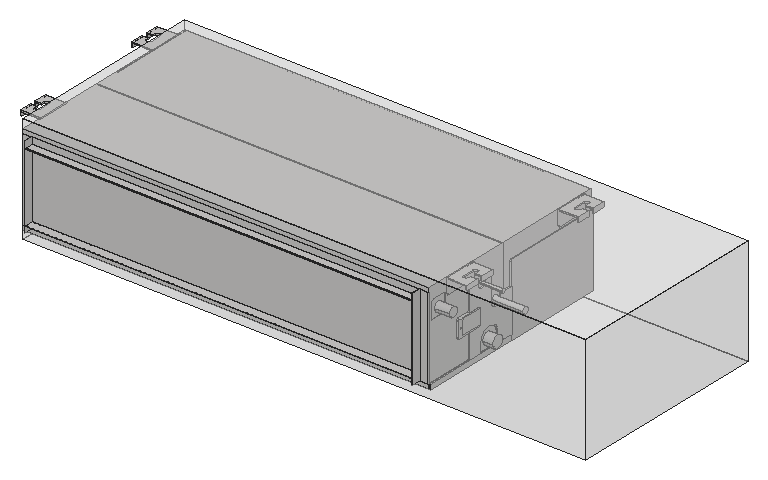
Revit family "outputfile", category 機械設備, Revit 2024
Family settings
  丸型コネクタ寸法 = 半径を使用
  パーツ タイプ = 標準
  OmniClass 番号 = 23.75.10.24.21.27.27
  OmniClass タイトル = Split System Air Conditioning Units
  作業面ベース = いいえ
  常に垂直 = はい
  ロード時にボイドで切り取り = いいえ
  注釈の向きを維持 = いいえ
  共有 = いいえ
  部屋計算ポイント = はい
Parameters (values of type "FXDQ50TV1CA")
  Description = ""
  製造元 = "Daikin"
  書き出し IFC クラス(タイプ) = "IfcUnitaryEquipmentType"
  定義済み IFC タイプ(タイプ) = "AIRCONDITIONINGUNIT"
  Cost = 0
  モデル = "FXDQ50TV1CA"
  Type Comments = ""
  Keynote = ""
  Type Image = (empty or 0)
  Assembly Code = ""
  r_Liquid Pipe Size = Liquid Pipe Size / 2  # 3.2 mm
  r_Gas Pipe Size = Gas Pipe Size / 2  # 6.35 mm
  r_Drain Pipe Size = Drain Pipe Size / 2  # 10.0 mm
  lw_powersuply = 65.0 mm  # constant formula
  lh_suctionflange [instance] = [h***] + 100.5 mm  # 100.5 mm
  lh_mounting = lh_mountinghole + [h***]  # 200.0 mm
  ld_suctionflange [instance] = if(and(Rear Connection_Return Air, Width = 700.0 mm), 94.5 mm, if(and(Rear Connection_Return Air, Width = 900.0 mm), 94.0 mm, if(and(Rear Connection_Return Air, Width = 1100.0 mm), 94.0 mm, 100.5 mm)))  # 94.0 mm
  ld_powersuply = 64.0 mm  # constant formula
  ld_mountinghole_Back = if(Width = 900.0 mm, 169.0 mm, 165.0 mm)  # 169.0 mm
  ld_mountinghole_Front = if(Width = 900.0 mm, 140.0 mm, 144.0 mm)  # 140.0 mm
  ld_RA_below = if(Width = 700.0 mm, 189.0 mm, 188.0 mm)  # 188.0 mm
  ld_RA = if(Width = 700.0 mm, 94.5 mm, 94.0 mm)  # 94.0 mm
  angle_vertical_RA [instance] = if(Rear Connection_Return Air, 90.00°, 0.00°)  # 90.00°
  angle horizontal_RA [instance] = if(Rear Connection_Return Air, 180.00°, 270.00°)  # 180.00°
  Voltage_comment_50Hz = "220-240"
  Voltage_50Hz = 220 V
  URL = ""
  Supply Air Direction [instance] = yes
  Sound Power Level_H speed (dB) = 0
  Rear Connection_Return Air [instance] = not(Bottom Connection_Return Air)  # yes
  Phase_50Hz = 1
  Minimum External Static Pressure = 10.00 Pa
  Minimum Circuit Amps_50Hz = 2.1 A
  Maximum Fuse Amps_50Hz = 15.0 A
  Maximum External Static Pressure = 45.00 Pa
  Material_Casing = DAIKIN_GalvanizedSteel_Casing_indoorunit
  ld_liquidpipe = 142.0 mm  # constant formula
  ld_gaspipe = 181.0 mm  # constant formula
  lw_mountinghole = Width + 52.0 mm  # 952.0 mm
  ld_drainpipe = 28.0 mm  # constant formula
  lh_liquidpipe = 151.0 mm
  lh_gaspipe = 101.0 mm
  lh_mountinghole = 200.0 mm  # constant formula
  lh_drainpipe = 152.0 mm  # constant formula
  h_antenna = Height - lh_mountinghole + 1.0 mm  # 1.0 mm
  h*** = 0.0 mm  # constant formula
  Width = 900.0 mm
  Version = "ver.1.0"
  Unit Type = "Slim Duct (Standard) Type"
  Unit Mass Weight = 21.00 kg
  Unit Designation [instance] = ""
  Uniclass2015Version = "Products v1.30"
  Uniclass2015Title = "Variable refrigerant flow units"
  Uniclass2015Code = "Pr_70_65_03_94"
  Total Heating Capacity [instance] = 0.000 kW
  Total Cooling Capacity [instance] = 0.000 kW
  Sound Pressure Level_M speed (dBA) = 0
  Sound Pressure Level_L speed (dBA) = 30
  Sound Pressure Level_H speed (dBA) = 35
  Series = "VRV Fan Coil Unit"
  Sensible Cooling Capacity [instance] = 0.000 kW
  SA Duct Size Width = if(Width = 900.0 mm, 860.0 mm, if(Width = 1100.0 mm, 1060.0 mm, 660.0 mm))  # 860.0 mm
  SA Duct Size Height = 153.0 mm  # constant formula
  Refrigerant Type = "R410A"
  RA Duct Size Width = if(Width = 900.0 mm, 775.0 mm, if(Width = 1100.0 mm, 975.0 mm, 575.0 mm))  # 775.0 mm
  RA Duct Size Height [instance] = if(Rear Connection_Return Air, 163.0 mm, if(Width = 700.0 mm, 153.0 mm, 152.0 mm))  # 163.0 mm
  Power Input (Heating) = 0.070 kW
  Power Input (Cooling) = 0.080 kW
  Option Accessory 3 [instance] = ""
  Option Accessory 2 [instance] = ""
  Option Accessory 1 [instance] = ""
  Nominal Heating Capacity = 6.300 kW
  Nominal Cooling Capacity = 5.600 kW
  Minimum Airflow = 0.00 m³/h
  Median Airflow = 0.00 m³/h
  Maximum Airflow = 900.00 m³/h
  Load Classification = HVAC
  Liquid Pipe Size = 6.4 mm
  Link_Nested Family [instance] = ""
  IfcVersion = "0"
  IfcExportType = "AIRCONDITIONINGUNIT"
  IfcExportAs = "IfcUnitaryEquipmentType"
  Height = 200.0 mm
  Heating Entering Wet Bulb Temperature [instance] = 0.00 °C
  Heating Entering Dry Bulb Temperature [instance] = 0.00 °C
  Heating Ambient Wet Bulb Temperature [instance] = 0.00 °C
  Heating Ambient Dry Bulb Temperature [instance] = 0.00 °C
  Heat Exchanger Type = "Cross Fin Coil"
  Gas Pipe Size = 12.7 mm
  Frequency_50Hz = 50 Hz
  Fan Type = "Sirocco Fan"
  Fan Drive = "Direct Drive"
  FCU Tag No. [instance] = ""
  Drain Pipe Size = 20.0 mm
  Design Supply Airflow [instance] = 0.00 m³/h
  Design Return Airflow [instance] = 0.00 m³/h
  Design External Static Pressure [instance] = 0.00 Pa
  Depth = 450.0 mm
  既定の高さ = 0.0 mm
  Cooling Entering Wet Bulb Temperature [instance] = 0.00 °C
  Cooling Entering Dry Bulb Temperature [instance] = 0.00 °C
  Cooling Ambient Wet Bulb Temperature [instance] = 0.00 °C
  Cooling Ambient Dry Bulb Temperature [instance] = 0.00 °C
  Clearance visibility [instance] = yes
  Clearance Top = 20.0 mm
  Clearance Right = 350.0 mm
  Clearance Rear = 0.0 mm
  Clearance Left = 0.0 mm
  Clearance Front = 0.0 mm
  Clearance Bottom = 20.0 mm
  Bottom Connection_Return Air [instance] = no
Reference planes
  plane 1 "Center (Front/Back)": y = 0
  plane 2 "Bottom": z = -200
  plane 3 "Center (Left/Right)": x = 0
  plane 4 "Back": y = 225
  plane 5 "Front": y = -225
  plane 6 "Left": x = -450
  plane 7 "Right": x = 450
  plane 8 "Top": z = 0
  plane 9 "BB": y = -20
  plane 10 "condensate water pan": z = -190
  plane 11 "Below": z = -200
  plane 12 "Other components Right": x = 455
  plane 13 "Other components Left": x = 445
  plane 14 "lh_drainpipe": z = -48
  plane 15 "ld_drainpipe": y = -197
  plane 16 "drainpipe": x = 483
  plane 17 "lh_liquidpipe": z = -49
  plane 18 "ld_liquidpipe": y = -83
  plane 19 "ld_gaspipe": y = -44
  plane 20 "lh_gaspipe": z = -99
  plane 21: x = 503
  plane 22: x = 520
  plane 23: x = 474
  plane 24 "w_mountinghole_Left": x = -476
  plane 25 "w_mountinghole_Right": x = 476
  plane 26 "d_mountinghole_Back": y = 169
  plane 27 "d_mountinghole_Front": y = -140
  plane 28 "h_mountinghole": z = 0
  plane 29 "lw_powersuply": x = 385
  plane 30 "ld_powersuply": y = -161
  plane 31 "Clearance Left": x = -450
  plane 32 "Clearance Right": x = 800
  plane 33 "Clearance Rear": y = 225
  plane 34 "Clearance Front": y = -225
  plane 35 "Clearance Bottom": z = -220
  plane 36 "Clearance Top": z = 20
  plane 37 "RA": y = 224
  plane 38: z = -199
  plane 39 "RA_d": y = 131
  plane 40 "RA_w": x = -51.5
  plane 41 "RA_h": z = -99.5
  plane 42 "SA_h": z = -99
  plane 43 "RA_dd": y = 37
Forms (mm)
  Extrusion 1, solid, material "DAIKIN_GalvanizedSteel_Casing_indoorunit" <- "Material_Casing"
    sketch origin (0, 0, 100) x (0, 1, 0) y (0, 0, 1)
      loop
        line (-20, -100) -> (-20, -300) -> (225, -300) -> (225, -100) -> (-20, -100)
    from -450 to 450
  Extrusion 2, solid, material "DAIKIN_GalvanizedSteel_Casing_indoorunit" <- "Material_Casing"
    sketch origin (0, 0, 100) x (0, 1, 0) y (0, 0, 1)
      loop
        line (-225, -100) -> (-225, -290) -> (-20, -290) -> (-20, -100) -> (-225, -100)
    from -450 to 450
  Extrusion 3, solid, material "DAIKIN_GalvanizedSteel_Casing_indoorunit" <- "Material_Casing"
    sketch origin (0, 0, 100) x (0, 1, 0) y (0, 0, 1)
      loop
        line (-225, -290) -> (-225, -300) -> (-20, -300) -> (-20, -290) -> (-225, -290)
    from -450 to 450
  Extrusion 4, solid, material "DAIKIN_GalvanizedSteel_Casing_indoorunit" <- "Material_Casing"
    sketch origin (0, 0, 0) x (0, 1, 0) y (0, 0, 1)
      loop
        arc (2, -40) -> (-0.121, -40.879) -> (-1, -43) r 3
        line (-1, -43) -> (-1, -197)
        arc (-1, -197) -> (-0.121, -199.121) -> (2, -200) r 3
        line (2, -200) -> (225, -200) -> (225, -40) -> (2, -40)
    from 450 to 455
  Extrusion 5, solid, material "DAIKIN_GalvanizedSteel_Casing_indoorunit" <- "Material_Casing"
    sketch origin (620, 0, 0) x (0, 1, 0) y (0, 0, 1)
      loop
        line (-225, -190) -> (-225, -200) -> (-2, -200) -> (-2, -193)
        arc (-2, -193) -> (-2.879, -190.879) -> (-5, -190) r 3
        line (-5, -190) -> (-225, -190)
    from -170 to -165
  Extrusion 6, void
    sketch origin (0, 0, 0) x (0, 1, 0) y (0, 0, 1)
      loop
        arc (-145.64, -94.17) -> (-147.761, -95.049) -> (-148.64, -97.17) r 3
        line (-148.64, -97.17) -> (-148.64, -131.17)
        arc (-148.64, -131.17) -> (-147.761, -133.291) -> (-145.64, -134.17) r 3
        line (-145.64, -134.17) -> (-91.78, -134.17)
        arc (-91.78, -134.17) -> (-89.659, -133.291) -> (-88.78, -131.17) r 3
        line (-88.78, -131.17) -> (-88.78, -97.17)
        arc (-88.78, -97.17) -> (-89.659, -95.049) -> (-91.78, -94.17) r 3
        line (-91.78, -94.17) -> (-145.64, -94.17)
    from 445 to 455
  Extrusion 7, void
    sketch origin (460, 0, 0) x (0, 1, 0) y (0, 0, 1)
      loop
        arc (-212.95, -27.05) -> (-216.486, -28.514) -> (-217.95, -32.05) r 5
        line (-217.95, -32.05) -> (-217.95, -63.95)
        arc (-217.95, -63.95) -> (-216.486, -67.486) -> (-212.95, -68.95) r 5
        line (-212.95, -68.95) -> (-181.05, -68.95)
        arc (-181.05, -68.95) -> (-177.514, -67.486) -> (-176.05, -63.95) r 5
        line (-176.05, -63.95) -> (-176.05, -32.05)
        arc (-176.05, -32.05) -> (-177.514, -28.514) -> (-181.05, -27.05) r 5
        line (-181.05, -27.05) -> (-212.95, -27.05)
    from -15 to -5
  Extrusion 8, solid, material "DAIKIN_GalvanizedSteel_Casing_indoorunit" <- "Material_Casing"
    sketch origin (700, 0, 0) x (0, 1, 0) y (0, 0, 1)
      loop
        line (-116.823, -42) -> (-116.823, -190) -> (-87.438, -190) -> (-87.438, -167.881)
        arc (-87.438, -167.881) -> (-62.998, -143.441) -> (-38.558, -167.881) r 24.44
        line (-38.558, -167.881) -> (-38.558, -190) -> (-1, -190) -> (-1, -92.773) -> (-27.497, -92.773)
        arc (-27.497, -92.773) -> (-28.911, -93.359) -> (-29.497, -94.773) r 2
        line (-29.497, -94.773) -> (-29.497, -99)
        arc (-29.497, -99) -> (-43.997, -113.5) -> (-58.497, -99) r 14.5
        line (-58.497, -99) -> (-58.497, -42.3)
        arc (-58.497, -42.3) -> (-59.171, -40.674) -> (-60.797, -40) r 2.3
        line (-60.797, -40) -> (-69, -40)
        arc (-69, -40) -> (-70.414, -40.586) -> (-71, -42) r 2
        line (-71, -42) -> (-71, -49)
        arc (-71, -49) -> (-83, -61) -> (-95, -49) r 12
        line (-95, -49) -> (-95, -42)
        arc (-95, -42) -> (-95.586, -40.586) -> (-97, -40) r 2
        line (-97, -40) -> (-114.823, -40)
        arc (-114.823, -40) -> (-116.237, -40.586) -> (-116.823, -42) r 2
    from -250 to -245
  Extrusion 9, solid, material "DAIKIN_GalvanizedSteel_Casing_indoorunit" <- "Material_Casing"
    sketch origin (0, 0, 0) x (0, 1, 0) y (0, 0, 1)
      loop
        line (-91.78, -95.17) -> (-145.64, -95.17)
        arc (-145.64, -95.17) -> (-147.054, -95.756) -> (-147.64, -97.17) r 2
        line (-147.64, -97.17) -> (-147.64, -131.17)
        arc (-147.64, -131.17) -> (-147.054, -132.584) -> (-145.64, -133.17) r 2
        line (-145.64, -133.17) -> (-91.78, -133.17)
        arc (-91.78, -133.17) -> (-90.366, -132.584) -> (-89.78, -131.17) r 2
        line (-89.78, -131.17) -> (-89.78, -97.17)
        arc (-89.78, -97.17) -> (-90.366, -95.756) -> (-91.78, -95.17) r 2
    from 445 to 455
  Extrusion 10, solid, material "DAIKIN_GalvanizedSteel_Casing_indoorunit" <- "Material_Casing"
    sketch origin (0, 0, 0) x (0, 1, 0) y (0, 0, 1)
      loop
        line (-89.78, -97.67) -> (-136.14, -97.67) -> (-136.14, -130.67) -> (-89.78, -130.67) -> (-89.78, -97.67)
      loop
        circle (-142.64, -114.17) r 1.5
    from 450 to 455
  Extrusion 11, solid, material "DAIKIN_GalvanizedSteel_Casing_indoorunit" <- "Material_Casing"
    sketch origin (0, 0, 0) x (0, 1, 0) y (0, 0, 1)
      loop
        circle (-197, -48) r 10
    from 450 to 483
  Extrusion 12, solid, material "DAIKIN_GalvanizedSteel_Casing_indoorunit" <- "Material_Casing"
    sketch origin (0, 0, 0) x (0, 1, 0) y (0, 0, 1)
      loop
        circle (-83, -49) r 3.2
    from 450 to 503
  Extrusion 13, solid, material "DAIKIN_GalvanizedSteel_Casing_indoorunit" <- "Material_Casing"
    sketch origin (0, 0, 0) x (0, 1, 0) y (0, 0, 1)
      loop
        circle (-44, -99) r 6.35
    from 450 to 520
  Extrusion 14, solid, material "DAIKIN_GalvanizedSteel_Casing_indoorunit" <- "Material_Casing"
    sketch origin (0, 0, 0) x (0, 1, 0) y (0, 0, 1)
      loop
        circle (-62.998, -169) r 13
    from 450 to 474
  Extrusion 15, void
    sketch origin (0, 0, 0) x (1, 0, 0) y (0, 0, 1)
      loop
        line (346, -1) -> (-449, -1) -> (-449, -200) -> (346, -200) -> (346, -1)
    from -225 to -37
  Extrusion 16, solid, material "DAIKIN_GalvanizedSteel_Casing_indoorunit" <- "Material_Casing", visible <- "Bottom Connection_Return Air"
    sketch origin (0, 0, 0) x (1, 0, 0) y (0, 0, 1)
      loop
        line (346, -1) -> (-449, -1) -> (-449, -200) -> (346, -200) -> (346, -1)
    from -225 to -224
  Extrusion 17, solid, material "DAIKIN_GalvanizedSteel_Casing_indoorunit" <- "Material_Casing", visible <- "Rear Connection_Return Air"
    sketch origin (0, 0, 0) x (1, 0, 0) y (0, 1, 0)
      loop
        line (-449, 37) -> (346, 37) -> (346, 225) -> (-449, 225) -> (-449, 37)
    from -200 to -199
Cuts and joins
  Extrusion 6, Extrusion 7 cuts Extrusion 2
  Extrusion 6 cuts Extrusion 8
  Extrusion 15 cuts Extrusion 1
Dimensions and locks
  locked: plane 9 "BB" to plane 1 "Center (Front/Back)" at 20
  equal spacing: plane 4 "Back", plane 1 "Center (Front/Back)", plane 5 "Front"
  "Depth": plane 4 "Back" to plane 5 "Front"
  plane 9 "BB" to plane 4 "Back" = 245.0 mm
  plane 5 "Front" to plane 9 "BB" = 205.0 mm
  equal spacing: plane 6 "Left", plane 3 "Center (Left/Right)", plane 7 "Right"
  "Width": plane 6 "Left" to plane 7 "Right"
  locked: plane 1 "Center (Front/Back)" to plane 9 "BB" at 20
  "h***": plane 11 "Below" to plane 2 "Bottom"
  locked: plane 10 "condensate water pan" to plane 11 "Below" at 10
  "Height": plane 8 "Top" to plane 11 "Below"
  locked: Extrusion 4 sketch curve to plane 4 "Back" at 226
  locked: Extrusion 4 sketch curve to plane 11 "Below" at 160
  locked: plane 7 "Right" to plane 12 "Other components Right" at 5
  locked: plane 13 "Other components Left" to plane 7 "Right" at 5
  "lh_drainpipe": plane 14 "lh_drainpipe" to plane 11 "Below"
  plane 5 "Front" to plane 15 "ld_drainpipe" = 28.0 mm
  "ld_drainpipe": plane 15 "ld_drainpipe" to plane 5 "Front"
  locked: plane 7 "Right" to plane 16 "drainpipe" at 33
  "lh_liquidpipe": plane 17 "lh_liquidpipe" to plane 11 "Below"
  "ld_liquidpipe": plane 18 "ld_liquidpipe" to plane 5 "Front"
  "ld_gaspipe": plane 19 "ld_gaspipe" to plane 5 "Front"
  plane 5 "Front" to plane 18 "ld_liquidpipe" = 142.0 mm
  plane 5 "Front" to plane 19 "ld_gaspipe" = 181.0 mm
  "lh_gaspipe": plane 20 "lh_gaspipe" to plane 11 "Below"
  locked: plane 7 "Right" to plane 21 at 53
  locked: plane 7 "Right" to plane 22 at 70
  locked: plane 7 "Right" to plane 23 at 24
  equal spacing: plane 24 "w_mountinghole_Left", plane 3 "Center (Left/Right)", plane 25 "w_mountinghole_Right"
  "lw_mountinghole": plane 24 "w_mountinghole_Left" to plane 25 "w_mountinghole_Right"
  plane 26 "d_mountinghole_Back" to plane 27 "d_mountinghole_Front" = 309.0 mm
  "lh_mountinghole": plane 28 "h_mountinghole" to plane 11 "Below"
  "lw_powersuply": plane 29 "lw_powersuply" to plane 7 "Right"
  "ld_powersuply": plane 5 "Front" to plane 30 "ld_powersuply"
  "Clearance Rear": plane 33 "Clearance Rear" to plane 4 "Back"
  "Clearance Front": plane 5 "Front" to plane 34 "Clearance Front"
  "Clearance Bottom": plane 11 "Below" to plane 35 "Clearance Bottom"
  "Clearance Top": plane 36 "Clearance Top" to plane 8 "Top"
  "Clearance Left": plane 31 "Clearance Left" to plane 6 "Left"
  "Clearance Right": plane 7 "Right" to plane 32 "Clearance Right"
  locked: cut or joined group of Extrusion 1, Extrusion 15 to plane 6 "Left" at 1
  locked: plane 7 "Right" to cut or joined group of Extrusion 1, Extrusion 15 at 104
  locked: plane 4 "Back" to plane 37 "RA" at 1
  locked: plane 6 "Left" to Extrusion 17 sketch curve at 1
  locked: Extrusion 17 sketch curve to plane 7 "Right" at 104
  locked: plane 38 to plane 11 "Below" at 1
  locked: plane 40 "RA_w" to plane 3 "Center (Left/Right)" at 51.5
  "ld_RA": plane 39 "RA_d" to plane 4 "Back"
  locked: plane 11 "Below" to plane 41 "RA_h" at 100.5
  locked: plane 11 "Below" to plane 42 "SA_h" at 101
  "ld_mountinghole_Back": plane 26 "d_mountinghole_Back" to plane 1 "Center (Front/Back)"
  "ld_mountinghole_Front": plane 27 "d_mountinghole_Front" to plane 1 "Center (Front/Back)"
  "ld_RA_below": plane 4 "Back" to plane 43 "RA_dd"
  "r_Liquid Pipe Size": radius of Extrusion 12 sketch curve
  "r_Gas Pipe Size": radius of Extrusion 13 sketch curve
  "r_Drain Pipe Size": radius of Extrusion 11 sketch curve
  aligned and locked: Extrusion 1 sketch curve to plane 8 "Top"
  aligned and locked: Extrusion 1 sketch curve to plane 9 "BB"
  aligned and locked: Extrusion 1 sketch curve to plane 4 "Back"
  aligned and locked: Extrusion 2 sketch curve to plane 9 "BB"
  aligned and locked: Extrusion 2 sketch curve to plane 8 "Top"
  aligned and locked: plane 5 "Front" to Extrusion 2 sketch curve
  aligned and locked: Extrusion 1 to plane 6 "Left"
  aligned and locked: plane 7 "Right" to Extrusion 1
  aligned and locked: Extrusion 2 to plane 6 "Left"
  aligned and locked: plane 7 "Right" to Extrusion 2
  aligned and locked: plane 10 "condensate water pan" to Extrusion 2 sketch curve
  aligned and locked: Extrusion 3 sketch curve to plane 10 "condensate water pan"
  aligned and locked: plane 5 "Front" to Extrusion 3 sketch curve
  aligned and locked: plane 9 "BB" to Extrusion 3 sketch curve
  aligned and locked: Extrusion 3 to plane 6 "Left"
  aligned and locked: plane 7 "Right" to Extrusion 3
  aligned and locked: plane 11 "Below" to Extrusion 3
  aligned and locked: Extrusion 1 to plane 11 "Below"
  aligned and locked: plane 11 "Below" to Extrusion 4 sketch curve
  aligned and locked: Extrusion 4 sketch curve to plane 4 "Back"
  aligned and locked: Extrusion 4 to plane 7 "Right"
  aligned and locked: plane 12 "Other components Right" to Extrusion 4
  aligned and locked: Extrusion 5 sketch curve to plane 10 "condensate water pan"
  aligned and locked: plane 5 "Front" to Extrusion 5 sketch curve
  aligned and locked: plane 11 "Below" to Extrusion 5 sketch curve
  aligned and locked: Extrusion 5 to plane 7 "Right"
  aligned and locked: plane 12 "Other components Right" to Extrusion 5
  aligned and locked: Extrusion 8 to plane 7 "Right"
  aligned and locked: plane 12 "Other components Right" to Extrusion 8
  aligned and locked: Extrusion 6 to plane 13 "Other components Left"
  aligned and locked: Extrusion 7 to plane 13 "Other components Left"
  aligned and locked: plane 12 "Other components Right" to Extrusion 7
  aligned and locked: plane 12 "Other components Right" to Extrusion 6
  aligned and locked: Extrusion 10 to plane 7 "Right"
  aligned and locked: Extrusion 9 to plane 13 "Other components Left"
  aligned and locked: plane 16 "drainpipe" to Extrusion 11
  aligned and locked: Extrusion 11 to plane 7 "Right"
  aligned and locked: plane 12 "Other components Right" to Extrusion 9
  aligned and locked: plane 12 "Other components Right" to Extrusion 10
  aligned and locked: Extrusion 12 to plane 7 "Right"
  aligned and locked: plane 21 to Extrusion 12
  aligned and locked: Extrusion 13 sketch curve to plane 19 "ld_gaspipe"
  aligned and locked: plane 20 "lh_gaspipe" to Extrusion 13 sketch curve
  aligned and locked: Extrusion 12 sketch curve to plane 18 "ld_liquidpipe"
  aligned and locked: plane 17 "lh_liquidpipe" to Extrusion 12 sketch curve
  aligned and locked: plane 14 "lh_drainpipe" to Extrusion 11 sketch curve
  aligned and locked: Extrusion 11 sketch curve to plane 15 "ld_drainpipe"
  aligned and locked: Extrusion 13 to plane 7 "Right"
  aligned and locked: plane 22 to Extrusion 13
  aligned and locked: Extrusion 14 to plane 7 "Right"
  aligned and locked: plane 23 to Extrusion 14
  aligned and locked: plane 25 "w_mountinghole_Right" to nested 2
  aligned and locked: nested 2 to plane 26 "d_mountinghole_Back"
  aligned and locked: plane 28 "h_mountinghole" to nested 2
  aligned and locked: plane 27 "d_mountinghole_Front" to nested 3
  aligned and locked: plane 25 "w_mountinghole_Right" to nested 3
  aligned and locked: plane 24 "w_mountinghole_Left" to nested 4
  aligned and locked: plane 26 "d_mountinghole_Back" to nested 4
  aligned and locked: plane 24 "w_mountinghole_Left" to nested 5
  aligned and locked: nested 5 to plane 27 "d_mountinghole_Front"
  aligned and locked: plane 28 "h_mountinghole" to nested 4
  aligned and locked: plane 28 "h_mountinghole" to nested 5
  aligned and locked: plane 28 "h_mountinghole" to nested 3
  aligned and locked: plane 24 "w_mountinghole_Left" to nested 1
  aligned and locked: nested 1 to plane 26 "d_mountinghole_Back"
  aligned and locked: plane 27 "d_mountinghole_Front" to nested 6
  aligned and locked: plane 24 "w_mountinghole_Left" to nested 6
  aligned and locked: nested 7 to plane 25 "w_mountinghole_Right"
  aligned and locked: nested 7 to plane 26 "d_mountinghole_Back"
  aligned and locked: plane 27 "d_mountinghole_Front" to nested 8
  aligned and locked: nested 8 to plane 25 "w_mountinghole_Right"
  aligned and locked: plane 15 "ld_drainpipe" to nested 9
  aligned and locked: plane 7 "Right" to nested 9
  aligned and locked: plane 14 "lh_drainpipe" to nested 9
  aligned and locked: plane 7 "Right" to nested 11
  aligned and locked: plane 7 "Right" to nested 10
  aligned and locked: plane 18 "ld_liquidpipe" to nested 10
  aligned and locked: plane 19 "ld_gaspipe" to nested 11
  aligned and locked: nested 10 to plane 17 "lh_liquidpipe"
  aligned and locked: nested 11 to plane 20 "lh_gaspipe"
  aligned and locked: plane 31 "Clearance Left" to nested 12
  aligned and locked: nested 12 to plane 33 "Clearance Rear"
  aligned and locked: plane 34 "Clearance Front" to nested 12
  aligned and locked: nested 12 to plane 32 "Clearance Right"
  aligned and locked: plane 36 "Clearance Top" to nested 12
  aligned and locked: plane 35 "Clearance Bottom" to nested 12
  aligned and locked: nested 13 to plane 29 "lw_powersuply"
  aligned and locked: plane 30 "ld_powersuply" to nested 13
  aligned and locked: nested 13 to plane 20 "lh_gaspipe"
  aligned and locked: plane 3 "Center (Left/Right)" to nested 14
  aligned and locked: plane 1 "Center (Front/Back)" to nested 14
  aligned and locked: plane 1 "Center (Front/Back)" to nested 15
  aligned and locked: nested 15 to plane 11 "Below"
  aligned and locked: plane 3 "Center (Left/Right)" to nested 16
  aligned and locked: plane 3 "Center (Left/Right)" to nested 17
  aligned and locked: plane 8 "Top" to nested 16
  aligned and locked: plane 4 "Back" to Extrusion 15
  aligned and locked: plane 4 "Back" to Extrusion 16
  aligned and locked: Extrusion 16 to plane 37 "RA"
  aligned and locked: Extrusion 17 to plane 11 "Below"
  aligned and locked: plane 38 to Extrusion 17
  aligned and locked: plane 39 "RA_d" to nested 18
  aligned and locked: plane 1 "Center (Front/Back)" to nested 19
  aligned and locked: plane 3 "Center (Left/Right)" to nested 19
  aligned and locked: plane 42 "SA_h" to nested 19
  aligned and locked: nested 16 to plane 37 "RA"
  aligned and locked: nested 16 to plane 4 "Back"
  aligned and locked: nested 17 to plane 38
  aligned and locked: nested 17 to plane 37 "RA"
  aligned and locked: Extrusion 15 to plane 43 "RA_dd"
  aligned and locked: Extrusion 17 sketch curve to plane 43 "RA_dd"
  aligned and locked: level to plane 8 "Top"
Automatic sketch dimensions
  Extrusion 1 sketch curve to plane 10 "condensate water pan" = 10.0 mm
  Extrusion 3 sketch curve to plane 10 "condensate water pan" = 10.0 mm
  Extrusion 4 sketch curve to plane 10 "condensate water pan" = 7.0 mm
  Extrusion 4 sketch curve to plane 1 "Center (Front/Back)" = 2.0 mm
  plane 1 "Center (Front/Back)" to Extrusion 5 sketch curve = 2.0 mm
  Extrusion 5 sketch curve to plane 10 "condensate water pan" = 3.0 mm
  plane 5 "Front" to Extrusion 6 sketch curve = 76.36 mm
  Extrusion 6 sketch curve to Extrusion 6 sketch curve = 3.0 mm  (x3)
  Extrusion 6 sketch curve to Extrusion 6 sketch curve = 53.86 mm
  Extrusion 6 sketch curve to Extrusion 6 sketch curve = 0.0 mm
  plane 10 "condensate water pan" to Extrusion 6 sketch curve = 55.83 mm
  Extrusion 6 sketch curve to Extrusion 6 sketch curve = 34.0 mm
  plane 5 "Front" to Extrusion 7 sketch curve = 7.05 mm
  Extrusion 7 sketch curve to Extrusion 7 sketch curve = 5.0 mm  (x3)
  Extrusion 7 sketch curve to Extrusion 7 sketch curve = 31.9 mm  (x3)
  Extrusion 7 sketch curve to plane 8 "Top" = 68.95 mm
  Extrusion 8 sketch curve to plane 10 "condensate water pan" = 0.0 mm  (x2)
  Extrusion 8 sketch curve to plane 9 "BB" = 96.823 mm
  Extrusion 8 sketch curve to Extrusion 8 sketch curve = 2.0 mm  (x4)
  Extrusion 8 sketch curve to Extrusion 8 sketch curve = 17.823 mm
  Extrusion 8 sketch curve to Extrusion 8 sketch curve = 29.385 mm
  Extrusion 8 sketch curve to Extrusion 8 sketch curve = 12.0 mm
  Extrusion 8 sketch curve to Extrusion 8 sketch curve = 24.44 mm
  Extrusion 8 sketch curve to Extrusion 8 sketch curve = 8.203 mm
  Extrusion 8 sketch curve to plane 9 "BB" = 38.497 mm
  Extrusion 8 sketch curve to Extrusion 8 sketch curve = 14.5 mm
  plane 1 "Center (Front/Back)" to Extrusion 8 sketch curve = 1.0 mm
  Extrusion 8 sketch curve to Extrusion 8 sketch curve = 22.119 mm
  Extrusion 8 sketch curve to Extrusion 8 sketch curve = 68.881 mm
  Extrusion 8 sketch curve to Extrusion 8 sketch curve = 4.227 mm
  Extrusion 8 sketch curve to plane 8 "Top" = 49.0 mm
  Extrusion 8 sketch curve to Extrusion 8 sketch curve = 6.7 mm
  Extrusion 8 sketch curve to Extrusion 8 sketch curve = 7.0 mm
  plane 5 "Front" to Extrusion 9 sketch curve = 79.36 mm
  Extrusion 9 sketch curve to Extrusion 9 sketch curve = 2.0 mm  (x3)
  Extrusion 9 sketch curve to Extrusion 9 sketch curve = 53.86 mm
  Extrusion 9 sketch curve to Extrusion 9 sketch curve = 0.0 mm
  plane 10 "condensate water pan" to Extrusion 9 sketch curve = 56.83 mm
  Extrusion 9 sketch curve to Extrusion 9 sketch curve = 34.0 mm
  plane 5 "Front" to Extrusion 10 sketch curve = 82.36 mm
  Extrusion 10 sketch curve to Extrusion 10 sketch curve = 6.5 mm
  Extrusion 10 sketch curve to Extrusion 10 sketch curve = 46.36 mm
  plane 10 "condensate water pan" to Extrusion 10 sketch curve = 59.33 mm
  Extrusion 10 sketch curve to Extrusion 10 sketch curve = 16.5 mm  (x2)
  Extrusion 14 sketch curve to plane 19 "ld_gaspipe" = 18.998 mm
  plane 10 "condensate water pan" to Extrusion 14 sketch curve = 21.0 mm
  plane 6 "Left" to Extrusion 15 sketch curve = 1.0 mm
  plane 35 "Clearance Bottom" to Extrusion 15 sketch curve = 20.0 mm
  plane 29 "lw_powersuply" to Extrusion 15 sketch curve = 39.0 mm
  Extrusion 15 sketch curve to plane 8 "Top" = 1.0 mm
  plane 6 "Left" to Extrusion 16 sketch curve = 1.0 mm
  Extrusion 16 sketch curve to plane 11 "Below" = 0.0 mm
  plane 29 "lw_powersuply" to Extrusion 16 sketch curve = 39.0 mm
  Extrusion 16 sketch curve to plane 8 "Top" = 1.0 mm
  Extrusion 17 sketch curve to plane 4 "Back" = 0.0 mm
  radius of Extrusion 10 sketch curve = 1.5 mm
  radius of Extrusion 14 sketch curve = 13.0 mm
Nested families
  nested 1: "daikin_mountinghole" at (-476, 169, -200), h_mountinghole <- "lh_mounting", l_antenna <- "h_antenna", Link_Nested Family <- "Link_Nested Family", type "daikin_mountinghole"
    with show yes, l_antenna 1.0 mm, h_mountinghole 200.0 mm, Link_Nested Family ""
  nested 2: "daikin_hangerfixture_FXDQ-TV1C(A)" at (450, 169, 0), type "daikin_hangerfixture_FXDQ-TV1C(A)"
  nested 3: "daikin_hangerfixture_FXDQ-TV1C(A)" at (450, -140, 0), type "daikin_hangerfixture_FXDQ-TV1C(A)"
  nested 4: "daikin_hangerfixture_FXDQ-TV1C(A)" at (-450, 169, 0) x (-1, 0, 0) z (0, 0, 1), type "daikin_hangerfixture_FXDQ-TV1C(A)"
  nested 5: "daikin_hangerfixture_FXDQ-TV1C(A)" at (-450, -140, 0) x (-1, 0, 0) z (0, 0, 1), type "daikin_hangerfixture_FXDQ-TV1C(A)"
  nested 6: "daikin_mountinghole" at (-476, -140, -200), h_mountinghole <- "lh_mounting", l_antenna <- "h_antenna", Link_Nested Family <- "Link_Nested Family", type "daikin_mountinghole"
    with show yes, l_antenna 1.0 mm, h_mountinghole 200.0 mm, Link_Nested Family ""
  nested 7: "daikin_mountinghole" at (476, 169, -200), h_mountinghole <- "lh_mounting", l_antenna <- "h_antenna", Link_Nested Family <- "Link_Nested Family", type "daikin_mountinghole"
    with show yes, l_antenna 1.0 mm, h_mountinghole 200.0 mm, Link_Nested Family ""
  nested 8: "daikin_mountinghole" at (476, -140, -200), h_mountinghole <- "lh_mounting", l_antenna <- "h_antenna", Link_Nested Family <- "Link_Nested Family", type "daikin_mountinghole"
    with show yes, l_antenna 1.0 mm, h_mountinghole 200.0 mm, Link_Nested Family ""
  nested 9: "daikin_connector_rotate2" at (450, -197, -48) x (0, 1, 0) z (0, 0, 1), radius <- "r_Drain Pipe Size", type "daikin_connector_rotate2"
    with radius 10.0 mm, length 33.0 mm, angle_vertical 90.00°, show_face no
  nested 10: "daikin_connector_rotate2" at (450, -83, -49) x (0, 1, 0) z (0, 0, 1), radius <- "r_Liquid Pipe Size", type "daikin_connector_rotate2"
    with radius 3.2 mm, length 53.0 mm, angle_vertical 90.00°, show_face no
  nested 11: "daikin_connector_rotate2" at (450, -44, -99) x (0, 1, 0) z (0, 0, 1), radius <- "r_Gas Pipe Size", type "daikin_connector_rotate2"
    with radius 6.35 mm, length 70.0 mm, angle_vertical 90.00°, show_face no
  nested 12: "daikin_clearancespace" at (175, 0, -99.881), visible <- "Clearance visibility", show <- "Clearance visibility", Link_Nested Family <- "Link_Nested Family", type "daikin_clearancespace"
    with width 1250.0 mm, show yes, height 240.0 mm, depth 450.0 mm, Link_Nested Family ""
  nested 13: "daikin_connector_rotate2" at (385, -161, -99) x (1, 0, 0) z (0, -1, 0), type "daikin_connector_rotate2"
    with radius 10.0 mm, length 101.0 mm, angle_vertical 90.00°, show_face no
  nested 14: "daikin_△_symbolicline" at (0, 0, 200), visible <- "Supply Air Direction", built-in parameter 1001360 <- "Height", type "daikin_△_symbolicline"
    with length 200.0 mm
  nested 15: "daikin_ductflange_FXDQ-TV1C(A)1" at (0, 0, -364.701), width <- "SA Duct Size Width", height <- "SA Duct Size Height", material <- "Material_Casing", type "daikin_ductflange_FXDQ-TV1C(A)1"
    with width 860.0 mm, material DAIKIN_GalvanizedSteel_Casing_indoorunit, height 153.0 mm, depth 20.0 mm
  nested 16: "daikin_ductflange_FXDQ-TV1C(A)2" at (0, 225, -99.5), visible <- "Rear Connection_Return Air", height <- "RA Duct Size Height", width <- "RA Duct Size Width", material <- "Material_Casing", type "daikin_ductflange_FXDQ-TV1C(A)2"
    with width 775.0 mm, material DAIKIN_GalvanizedSteel_Casing_indoorunit, height 163.0 mm, depth 1.0 mm
  nested 17: "daikin_ductflange_FXDQ-TV1C(A)2" at (0, 125.5, -200) x (1, 0, 0) z (0, 1, 0), visible <- "Bottom Connection_Return Air", width <- "RA Duct Size Width", height <- "RA Duct Size Height", type "daikin_ductflange_FXDQ-TV1C(A)2"
    with width 775.0 mm, material DAIKIN_GalvanizedSteel_Casing_indoorunit, height 163.0 mm, depth 1.0 mm
  nested 18: "daikin_connector_rotate3" at (-51.5, 131, -99.5), angle_vertical <- "angle_vertical_RA", angle_horizontal <- "angle horizontal_RA", length <- "ld_suctionflange", built-in parameter 1001364 <- "lh_suctionflange", type "daikin_connector_rotate3"
    with show yes, radius 10.0 mm, length 94.0 mm, angle_vertical 90.00°, angle_horizontal 180.00°
  nested 19: "daikin_connector_rotate2" at (0, 0, -99), type "daikin_connector_rotate2"
    with radius 10.0 mm, length 245.0 mm, angle_vertical 90.00°, show_face no
Connectors
  piping at (483, -197, -48), diameter 20, driven by "r_Drain Pipe Size"
    settings: on nested 9, index 1, connector inside diameter 609.6 mm, connector length 0.0 mm, flow factor 0, pipe flow 0.00 m³/h, pressure drop 0.0 Pa, fitting loss kfactor 0, connector angle 0.00°, fixture units 0, engagement length 0.0 mm, angle of deflection 0.00°, flow configuration 1, flow direction 2, fitting loss method 4, system type 16, joint type 0, gender type 0, connector reference index -1, connector utility 0, adjustable connector no, is connector primary yes, connector description "Condensate Drain Piping"
  piping at (520, -44, -99), diameter 12.7, driven by "r_Gas Pipe Size"
    settings: on nested 11, index 2, connector inside diameter 609.6 mm, connector length 0.0 mm, flow factor 0, pipe flow 0.00 m³/h, pressure drop 0.0 Pa, fitting loss kfactor 0, connector angle 0.00°, fixture units 0, engagement length 0.0 mm, angle of deflection 0.00°, flow configuration 1, flow direction 2, fitting loss method 0, system type 29, joint type 0, gender type 0, connector reference index -1, connector utility 0, adjustable connector no, is connector primary no, connector description "Refrigerant Gas Piping"
  piping at (503, -83, -49), diameter 6.4, driven by "r_Liquid Pipe Size"
    settings: on nested 10, index 3, connector inside diameter 609.6 mm, connector length 0.0 mm, flow factor 0, pipe flow 0.00 m³/h, pressure drop 0.0 Pa, fitting loss kfactor 0, connector angle 0.00°, fixture units 0, engagement length 0.0 mm, angle of deflection 0.00°, flow configuration 1, flow direction 1, fitting loss method 0, system type 29, joint type 0, gender type 0, connector reference index -1, connector utility 0, adjustable connector no, is connector primary no, connector description "Refrigerant Liquid Piping"
  electrical at (385, -161, -200), driven by "Load Classification"
    settings: on nested 13, index 4, voltage 0 V, apparent load 0 VA, apparent load phase1 0 VA, apparent load phase2 0 VA, apparent load phase3 0 VA, power factor 1, load classification "HVAC", number of poles 1, system type 30, power factor state 1, is connector primary yes, connector utility no, sub classification motor no, connector description "Power Supply"
  hvac at (-51.5, 225, -99.5), driven by "RA Duct Size Height", driven by "RA Duct Size Width"
    settings: on nested 18, index 5, duct flow 0.00 m³/h, flow factor 0, pres drop 0.00 Pa, loss coef 0, conn angle 0.00°, conn width 775.0 mm, conn height 163.0 mm, conn diameter 609.6 mm, duct sys type 2, conn prof type 1, flow config 0, flow direction 1, loss method 4, conn ref index -1, conn util no, is conn primary yes, conn desc "RA Duct"
  hvac at (0, -245, -99), driven by "SA Duct Size Height", driven by "SA Duct Size Width"
    settings: on nested 19, index 6, duct flow 0.00 m³/h, flow factor 0, pres drop 0.00 Pa, loss coef 0, conn angle 0.00°, conn width 860.0 mm, conn height 153.0 mm, conn diameter 609.6 mm, duct sys type 1, conn prof type 1, flow config 0, flow direction 2, loss method 4, conn ref index -1, conn util no, is conn primary no, conn desc "SA Duct"
Definition of nested family "daikin_hangerfixture_FXDQ-TV1C(A)"
  Parameters (values of type "daikin_hangerfixture_FXDQ-TV1C(A)")
    width = 46.0 mm
    material = none
    height = 35.0 mm
    depth = 70.0 mm
    Default Elevation = 0.0 mm
  Reference planes
    plane 1 "Center (Front/Back)": y = 0
    plane 2: z = 0
    plane 3 "Center (Left/Right)": x = 0
    plane 4: z = -35
    plane 5: y = 35
    plane 6: y = -35
    plane 7: x = 46
    plane 8: z = -2
    plane 9: x = 44
    plane 10: x = 2
    plane 11: x = 26
  Forms (mm)
    Extrusion 1, solid, material <- "material"
      sketch origin (0, 0, 0) x (1, 0, 0) y (0, 1, 0)
        loop
          line (0, 35) -> (0, -35) -> (46, -35) -> (46, -6.5) -> (31.85, -6.5) -> (31.85, -12.15)
          arc (31.85, -12.15) -> (26, -18) -> (20.15, -12.15) r 5.85
          line (20.15, -12.15) -> (20.15, 12.15)
          arc (20.15, 12.15) -> (26, 18) -> (31.85, 12.15) r 5.85
          line (31.85, 12.15) -> (31.85, 6.5) -> (46, 6.5) -> (46, 35) -> (0, 35)
      from -2 to 0
    Extrusion 2, solid, material <- "material"
      sketch origin (0, 0, 0) x (0, 1, 0) y (0, 0, 1)
        loop
          line (35, 0) -> (6.5, 0) -> (6.5, -8)
          arc (6.5, -8) -> (7.379, -10.121) -> (9.5, -11) r 3
          line (9.5, -11) -> (32, -11)
          arc (32, -11) -> (34.121, -10.121) -> (35, -8) r 3
          line (35, -8) -> (35, 0)
        loop
          line (-35, 0) -> (-35, -8)
          arc (-35, -8) -> (-34.121, -10.121) -> (-32, -11) r 3
          line (-32, -11) -> (-9.5, -11)
          arc (-9.5, -11) -> (-7.379, -10.121) -> (-6.5, -8) r 3
          line (-6.5, -8) -> (-6.5, 0) -> (-35, 0)
      from 44 to 46
    Extrusion 3, solid, material <- "material"
      sketch origin (0, 0, 0) x (0, 1, 0) y (0, 0, 1)
        loop
          line (-37.5, 0) -> (-37.5, -30) -> (-32.5, -35) -> (32.5, -35) -> (37.5, -30) -> (37.5, 0) -> (-37.5, 0)
      from 0 to 2
  Cuts and joins
    joined: Extrusion 1, Extrusion 2, Extrusion 3
  Dimensions and locks
    "height": plane 2 to plane 4
    plane 2 to plane 8 = 2.0 mm
    equal spacing: plane 5, plane 1 "Center (Front/Back)", plane 6
    "depth": plane 5 to plane 6
    "width": plane 3 "Center (Left/Right)" to plane 7
    plane 3 "Center (Left/Right)" to plane 11 to plane 7 = 26.0 mm, 20.0 mm
    locked: cut or joined group of Extrusion 1, Extrusion 2, Extrusion 3 to plane 5 at 2.5
    locked: cut or joined group of Extrusion 1, Extrusion 2, Extrusion 3 to plane 6 at 2.5
    aligned and locked: level to plane 2
    aligned and locked: plane 2 to Extrusion 1
    aligned and locked: Extrusion 1 to plane 8
    aligned and locked: plane 7 to Extrusion 2
    aligned and locked: Extrusion 2 to plane 9
    aligned and locked: plane 2 to Extrusion 2
    aligned and locked: plane 4 to Extrusion 3 sketch curve
    aligned and locked: Extrusion 3 sketch curve to plane 2
    aligned and locked: Extrusion 3 to plane 3 "Center (Left/Right)"
    aligned and locked: Extrusion 3 to plane 10
  Automatic sketch dimensions
    Extrusion 1 sketch curve to plane 3 "Center (Left/Right)" = 0.0 mm
    Extrusion 1 sketch curve to plane 7 = 0.0 mm  (x2)
    Extrusion 1 sketch curve to plane 6 = 0.0 mm
    Extrusion 1 sketch curve to plane 5 = 0.0 mm
    plane 3 "Center (Left/Right)" to Extrusion 1 sketch curve = 20.15 mm
    Extrusion 1 sketch curve to Extrusion 1 sketch curve = 5.85 mm  (x2)
    plane 1 "Center (Front/Back)" to Extrusion 1 sketch curve = 12.15 mm
    Extrusion 1 sketch curve to Extrusion 1 sketch curve = 5.65 mm  (x2)
    Extrusion 1 sketch curve to plane 1 "Center (Front/Back)" = 6.5 mm
    Extrusion 2 sketch curve to level = 0.0 mm  (x2)
    Extrusion 2 sketch curve to plane 6 = 0.0 mm
    Extrusion 2 sketch curve to Extrusion 2 sketch curve = 3.0 mm  (x2)
    plane 1 "Center (Front/Back)" to Extrusion 2 sketch curve = 9.5 mm
    plane 1 "Center (Front/Back)" to Extrusion 2 sketch curve = 6.5 mm
    Extrusion 2 sketch curve to plane 1 "Center (Front/Back)" = 6.5 mm
    Extrusion 2 sketch curve to plane 5 = 3.0 mm
    Extrusion 2 sketch curve to plane 5 = 0.0 mm
    Extrusion 2 sketch curve to plane 8 = 6.0 mm  (x2)
    Extrusion 3 sketch curve to Extrusion 3 sketch curve = 5.0 mm  (x2)
    plane 4 to Extrusion 3 sketch curve = 5.0 mm  (x2)
    Extrusion 3 sketch curve to plane 6 = 2.5 mm
    Extrusion 3 sketch curve to plane 5 = 2.5 mm
Definition of nested family "daikin_clearancespace"
  Parameters (values of type "daikin_clearancespace")
    width [instance] = 1823.963 mm
    show [instance] = yes
    material = none
    height [instance] = 1359.762 mm
    depth [instance] = 880.0 mm
    Default Elevation = 0.0 mm
    Link_Nested Family [instance] = ""
  Reference planes
    plane 1 "Center (Front/Back)": y = 0
    plane 2 "Center (Elevation)": z = -0.119
    plane 3 "Center (Left/Right)": x = 0
    plane 4: y = 440
    plane 5: y = -440
    plane 6 "Right": x = 911.982
    plane 7 "Left": x = -911.982
    plane 8 "Top": z = 679.762
    plane 9 "Bottom": z = -680
  Forms (mm)
    Extrusion 1, solid, material <- "material", visible <- "show"
      sketch origin (0, 0, 0) x (1, 0, 0) y (0, 1, 0)
        loop
          line (-911.982, 440) -> (-911.982, -440) -> (911.982, -440) -> (911.982, 440) -> (-911.982, 440)
      from -680 to 679.762
  Lines and regions (mm)
    symbolic lines, visible <- "show"
      curve 1: line (911.982, 440, 0) -> (-911.982, 440, 0)
      curve 2: line (-911.982, 440, 0) -> (-911.982, -440, 0)
      curve 3: line (-911.982, -440, 0) -> (911.982, -440, 0)
      curve 4: line (911.982, -440, 0) -> (911.982, 440, 0)
      curve 5: line (911.982, 0, 679.762) -> (-911.982, 0, 679.762)
      curve 6: line (911.982, 0, -680) -> (911.982, 0, 679.762)
      curve 7: line (-911.982, 0, -680) -> (911.982, 0, -680)
      curve 8: line (-911.982, 0, 679.762) -> (-911.982, 0, -680)
      curve 9: line (0, 440, 679.762) -> (0, -440, 679.762)
      curve 10: line (0, -440, 679.762) -> (0, -440, -680)
      curve 11: line (0, 440, -680) -> (0, 440, 679.762)
      curve 12: line (0, -440, -680) -> (0, 440, -680)
  Dimensions and locks
    "width": plane 7 "Left" to plane 6 "Right"
    "depth": plane 4 to plane 5
    "height": plane 8 "Top" to plane 9 "Bottom"
    equal spacing: plane 7 "Left", plane 3 "Center (Left/Right)", plane 6 "Right"
    equal spacing: plane 4, plane 1 "Center (Front/Back)", plane 5
    equal spacing: plane 8 "Top", plane 2 "Center (Elevation)", plane 9 "Bottom"
    aligned and locked: level to plane 2 "Center (Elevation)"
    aligned and locked: Extrusion 1 sketch curve to plane 4
    aligned and locked: plane 7 "Left" to Extrusion 1 sketch curve
    aligned and locked: Extrusion 1 sketch curve to plane 5
    aligned and locked: Extrusion 1 sketch curve to plane 6 "Right"
    aligned and locked: plane 8 "Top" to Extrusion 1
    aligned and locked: curve 1 to Extrusion 1
    aligned and locked: curve 2 to Extrusion 1
    aligned and locked: curve 3 to Extrusion 1
    aligned and locked: curve 4 to Extrusion 1
    aligned and locked: curve 5 to Extrusion 1
    aligned and locked: curve 6 to Extrusion 1
    aligned and locked: curve 7 to Extrusion 1
    aligned and locked: curve 8 to Extrusion 1
    aligned and locked: curve 9 to Extrusion 1
    aligned and locked: curve 10 to Extrusion 1
    aligned and locked: curve 11 to Extrusion 1
    aligned and locked: curve 12 to Extrusion 1
    aligned and locked: Extrusion 1 to plane 9 "Bottom"
Definition of nested family "daikin_ductflange_FXDQ-TV1C(A)1"
  Parameters (values of type "daikin_ductflange_FXDQ-TV1C(A)1")
    width [instance] = 660.0 mm
    material [instance] = none
    height [instance] = 160.0 mm
    h*** = 100.0 mm
    depth [instance] = 20.0 mm
    Default Elevation = 0.0 mm
  Reference planes
    plane 1 "Center (Front/Back)": y = 0
    plane 2: z = 189.201
    plane 3 "Center (Left/Right)": x = 0
    plane 4: y = -225
    plane 5: x = -330
    plane 6: x = 330
    plane 7: y = -245
    plane 8: z = 189.201
    plane 9: z = 349.201
    plane 10: z = 269.201
    plane 11: z = 363.701
    plane 12: z = 164.701
  Forms (mm)
    Extrusion 1, solid, material <- "material"
      sketch origin (0, 0, -1) x (0, 1, 0) y (0, 0, 1)
        loop
          line (-225, 350.201) -> (-225, 364.701) -> (-226, 364.701) -> (-226, 351.201) -> (-245, 351.201) -> (-245, 350.201) -> (-225, 350.201)
        loop
          line (-225, 190.201) -> (-245, 190.201) -> (-245, 189.201) -> (-226, 189.201) -> (-226, 175.701) -> (-225, 175.701) -> (-225, 190.201)
      from -330 to 330
    Extrusion 2, solid, material <- "material"
      sketch origin (0, 0, 188.201) x (1, 0, 0) y (0, 1, 0)
        loop
          line (330, -225) -> (330, -245) -> (331, -245) -> (331, -226) -> (350, -226) -> (350, -225) -> (330, -225)
        loop
          line (-330, -225) -> (-350, -225) -> (-350, -226) -> (-331, -226) -> (-331, -245) -> (-330, -245) -> (-330, -225)
      from -13.5 to 175.5
  Dimensions and locks
    equal spacing: plane 6, plane 3 "Center (Left/Right)", plane 5
    "width": plane 6 to plane 5
    locked: plane 6 to Extrusion 2 sketch curve at 20
    locked: Extrusion 2 sketch curve to plane 5 at 20
    "height": plane 9 to plane 8
    equal spacing: plane 9, plane 10, plane 8
    "depth": plane 4 to plane 7
    plane 4 to plane 1 "Center (Front/Back)" = 225.0 mm
    locked: Extrusion 1 sketch curve to plane 9 at 14.5
    locked: plane 8 to Extrusion 1 sketch curve at 14.5
    locked: plane 11 to plane 9 at 14.5
    aligned and locked: level to plane 2
    aligned and locked: Extrusion 1 to plane 5
    aligned and locked: Extrusion 1 to plane 9
    aligned and locked: plane 6 to Extrusion 1
    aligned and locked: plane 5 to Extrusion 1  (x2)
    aligned and locked: Extrusion 2 sketch curve to plane 6
    aligned and locked: plane 7 to Extrusion 2 sketch curve
    aligned and locked: Extrusion 2 to Extrusion 1
    aligned and locked: Extrusion 1 to Extrusion 2
    aligned and locked: plane 9 to Extrusion 1
    aligned and locked: plane 8 to Extrusion 1
    aligned and locked: plane 9 to Extrusion 1 sketch curve
    aligned and locked: Extrusion 1 sketch curve to plane 8
  Automatic sketch dimensions
    Extrusion 1 sketch curve to plane 7 = 0.0 mm  (x2)
    Extrusion 1 sketch curve to plane 4 = 0.0 mm  (x2)
    Extrusion 1 sketch curve to plane 4 = 1.0 mm  (x2)
    Extrusion 1 sketch curve to level = 1.0 mm
    Extrusion 2 sketch curve to plane 4 = 0.0 mm  (x2)
    Extrusion 2 sketch curve to plane 7 = 0.0 mm
    Extrusion 2 sketch curve to plane 5 = 0.0 mm
    Extrusion 2 sketch curve to plane 5 = 1.0 mm
    Extrusion 2 sketch curve to Extrusion 2 sketch curve = 1.0 mm
    Extrusion 2 sketch curve to plane 4 = 1.0 mm  (x2)
    plane 9 to Extrusion 1 sketch curve = 1.0 mm
Definition of nested family "daikin_ductflange_FXDQ-TV1C(A)2"
  Parameters (values of type "daikin_ductflange_FXDQ-TV1C(A)2")
    width [instance] = 575.0 mm
    material [instance] = none
    height [instance] = 163.0 mm
    depth [instance] = 1.0 mm
    Default Elevation = 0.0 mm
  Reference planes
    plane 1 "Center (Front/Back)": y = 0
    plane 2: z = 0
    plane 3 "Center (Left/Right)": x = 0
    plane 4: z = 81.5
    plane 5: z = -81.5
    plane 6: y = -1
    plane 7: x = -350
    plane 8: x = 350
    plane 9: x = 247
    plane 10: x = 241
    plane 11: x = -344
    plane 12: x = 236
    plane 13: x = -339
    plane 14: x = -51.5
    plane 15: z = 99.5
  Forms (mm)
    Extrusion 1, solid, material <- "material"
      sketch origin (0, 0, 0) x (1, 0, 0) y (0, 0, 1)
        loop
          line (-339, 81.5) -> (-339, -81.5) -> (236, -81.5) -> (236, 81.5) -> (-339, 81.5)
        loop
          line (-349, -99.5) -> (246, -99.5) -> (246, 98.5) -> (-349, 98.5) -> (-349, -99.5)
      from 0 to 1
  Dimensions and locks
    "depth": plane 6 to plane 1 "Center (Front/Back)"
    locked: plane 10 to plane 8 at 109
    locked: plane 11 to plane 10 at 585
    plane 13 to plane 7 = 11.0 mm
    plane 9 to plane 12 = 11.0 mm
    locked: plane 14 to plane 3 "Center (Left/Right)" at 51.5
    equal spacing: plane 13, plane 14, plane 12
    "width": plane 13 to plane 12
    locked: plane 15 to plane 4 at 18
    equal spacing: plane 4, plane 2, plane 5
    "height": plane 4 to plane 5
    equal spacing: plane 7, plane 3 "Center (Left/Right)", plane 8
    plane 7 to plane 8 = 700.0 mm
    locked: Extrusion 1 sketch curve to plane 7 at 1
    locked: plane 9 to Extrusion 1 sketch curve at 1
    locked: Extrusion 1 sketch curve to plane 4 at 17
    locked: plane 5 to Extrusion 1 sketch curve at 18
    aligned and locked: level to plane 2
    aligned and locked: Extrusion 1 to plane 1 "Center (Front/Back)"
    aligned and locked: Extrusion 1 to plane 6
    aligned and locked: plane 13 to Extrusion 1 sketch curve
    aligned and locked: Extrusion 1 sketch curve to plane 12
  Automatic sketch dimensions
    Extrusion 1 sketch curve to plane 5 = 0.0 mm
    Extrusion 1 sketch curve to plane 4 = 0.0 mm
Definition of nested family "daikin_connector_rotate3"
  Parameters (values of type "daikin_connector_rotate3")
    Default Elevation = 1219.2 mm
    show [instance] = yes
    radius [instance] = 10.0 mm
    length [instance] = 600.0 mm
    angle_horizontal [instance] = 60.00°
    angle_vertical [instance] = 90.00°
  Reference planes
    plane 1 "Center (Front/Back)": y = 0
    plane 2: z = 0
    plane 3 "Center (Left/Right)": x = 0
  Dimensions and locks
    "angle_horizontal": angle plane 3 "Center (Left/Right)" to nested 1
    aligned and locked: level to plane 2
    aligned and locked: plane 1 "Center (Front/Back)" to nested 1  (x2)
    aligned and locked: plane 3 "Center (Left/Right)" to nested 1
  Nested families
    nested 1: "daikin_connector_rotate2" at (0, 0, 0) x (0.5, 0.866, 0) z (0, 0, 1), angle_vertical <- "angle_vertical", length <- "length", radius <- "radius", type "daikin_connector_rotate2"
      with radius 10.0 mm, length 600.0 mm, angle_vertical 90.00°
  Definition of nested family "daikin_connector_rotate2"
    Parameters (values of type "daikin_connector_rotate2")
      show_face = yes
      radius [instance] = 10.0 mm
      length [instance] = 600.0 mm
      d_surface = 10.0 mm
      angle_vertical [instance] = 90.00°
      Default Elevation = 0.0 mm
    Reference planes
      plane 1 "Center (Front/Back)": y = 0
      plane 2: z = 0
      plane 3 "Center (Left/Right)": x = 0
    Forms (mm)
      Extrusion 1, solid, visible <- "show_face"
        sketch origin (0, -600, 0) x (1, 0, 0) y (0, 0, 1)
          loop
            circle (0, 0) r 10
        from 0 to -10
    Lines and regions (mm)
      reference lines
        curve 1: line (0, 0, 0) -> (0, -600, 0)
      symbolic lines
        curve 2: circle (0, 0, 0) r 5 normal (0, 0, 1)
      model lines, visible <- "show_face"
        curve 3: line (0, 0, 0) -> (0, -600, 0)
    Dimensions and locks
      "length": curve 1 to curve 1
      "length": curve 3 to curve 3
      "d_surface": Extrusion 1 to Extrusion 1
      "radius": radius of Extrusion 1 sketch curve
      "angle_vertical": angle curve 1 to plane 1 "Center (Front/Back)"
      "angle_vertical": angle curve 3 to plane 1 "Center (Front/Back)"
      aligned and locked: level to plane 2
      aligned and locked: plane 1 "Center (Front/Back)" to curve 1
      aligned and locked: plane 2 to curve 1
      aligned and locked: plane 1 "Center (Front/Back)" to curve 2
      aligned and locked: plane 3 "Center (Left/Right)" to curve 2
      aligned and locked: plane 1 "Center (Front/Back)" to curve 3
      aligned and locked: plane 2 to curve 3
      aligned and locked: Extrusion 1 to Extrusion 1
    Automatic sketch dimensions
      Extrusion 1 sketch curve to level = 0.0 mm
      Extrusion 1 sketch curve to plane 3 "Center (Left/Right)" = 0.0 mm
      radius of curve 2 = 5.0 mm
Definition of nested family "daikin_mountinghole"
  Parameters (values of type "daikin_mountinghole")
    Default Elevation = 1219.2 mm
    Type Comments = "mountinghole"
    show [instance] = yes
    material = none
    l_centerline = 100.0 mm
    l_antenna [instance] = 100.0 mm
    h_mountinghole [instance] = 0.0 mm
    d_circle = 30.0 mm
    Link_Nested Family [instance] = ""
  Reference planes
    plane 1 "Center (Front/Back)": y = 0
    plane 2: z = 0
    plane 3 "Center (Left/Right)": x = 0
    plane 4: y = 50
    plane 5: x = -50
    plane 6: x = 50
    plane 7: y = -50
    plane 8 "h_mountinghole": z = 0
    plane 9: z = 100
  Lines and regions (mm)
    model lines, detail levels fine
      curve 1: circle (0, 0, 0) r 15 normal (0, 0, 1)
      curve 2: line (-50, 0, 0) -> (50, 0, 0)
      curve 3: line (0, 50, 0) -> (0, -50, 0)
    symbolic lines, detail levels fine
      curve 4: circle (0, 0, 0) r 15 normal (0, 0, 1)
      curve 5: line (-50, 0, 0) -> (50, 0, 0)
      curve 6: line (0, 50, 0) -> (0, -50, 0)
    model lines
      curve 7: line (0, 0, 100) -> (0, 0, 0)
  Dimensions and locks
    equal spacing: plane 4, plane 1 "Center (Front/Back)", plane 7
    "l_centerline": plane 4 to plane 7
    equal spacing: plane 5, plane 3 "Center (Left/Right)", plane 6
    "l_centerline": plane 5 to plane 6
    "l_antenna": plane 9 to plane 8 "h_mountinghole"
    "h_mountinghole": plane 8 "h_mountinghole" to plane 2
    "d_circle": diameter of curve 1
    "d_circle": diameter of curve 4
    aligned and locked: level to plane 2
    aligned and locked: plane 1 "Center (Front/Back)" to curve 1
    aligned and locked: plane 3 "Center (Left/Right)" to curve 1
    aligned and locked: plane 1 "Center (Front/Back)" to curve 2
    aligned and locked: curve 3 to plane 3 "Center (Left/Right)"
    aligned and locked: plane 6 to curve 2
    aligned and locked: plane 5 to curve 2
    aligned and locked: plane 4 to curve 3
    aligned and locked: plane 7 to curve 3
    aligned and locked: plane 1 "Center (Front/Back)" to curve 4
    aligned and locked: plane 3 "Center (Left/Right)" to curve 4
    aligned and locked: plane 6 to curve 5
    aligned and locked: plane 5 to curve 5
    aligned and locked: plane 1 "Center (Front/Back)" to curve 5
    aligned and locked: plane 4 to curve 6
    aligned and locked: plane 7 to curve 6
    aligned and locked: curve 6 to plane 3 "Center (Left/Right)"
    aligned and locked: curve 7 to plane 3 "Center (Left/Right)"
    aligned and locked: plane 9 to curve 7
    aligned and locked: plane 8 "h_mountinghole" to curve 7
Definition of nested family "daikin_connector_rotate2"
  Parameters (values of type "daikin_connector_rotate2")
    show_face = yes
    radius [instance] = 10.0 mm
    length [instance] = 600.0 mm
    d_surface = 10.0 mm
    angle_vertical [instance] = 90.00°
    Default Elevation = 0.0 mm
  Reference planes
    plane 1 "Center (Front/Back)": y = 0
    plane 2: z = 0
    plane 3 "Center (Left/Right)": x = 0
  Forms (mm)
    Extrusion 1, solid, visible <- "show_face"
      sketch origin (0, -600, 0) x (1, 0, 0) y (0, 0, 1)
        loop
          circle (0, 0) r 10
      from 0 to -10
  Lines and regions (mm)
    reference lines
      curve 1: line (0, 0, 0) -> (0, -600, 0)
    symbolic lines
      curve 2: circle (0, 0, 0) r 5 normal (0, 0, 1)
    model lines, visible <- "show_face"
      curve 3: line (0, 0, 0) -> (0, -600, 0)
  Dimensions and locks
    "length": curve 1 to curve 1
    "length": curve 3 to curve 3
    "d_surface": Extrusion 1 to Extrusion 1
    "radius": radius of Extrusion 1 sketch curve
    "angle_vertical": angle curve 1 to plane 1 "Center (Front/Back)"
    "angle_vertical": angle curve 3 to plane 1 "Center (Front/Back)"
    aligned and locked: level to plane 2
    aligned and locked: plane 1 "Center (Front/Back)" to curve 1
    aligned and locked: plane 2 to curve 1
    aligned and locked: plane 1 "Center (Front/Back)" to curve 2
    aligned and locked: plane 3 "Center (Left/Right)" to curve 2
    aligned and locked: plane 1 "Center (Front/Back)" to curve 3
    aligned and locked: plane 2 to curve 3
    aligned and locked: Extrusion 1 to Extrusion 1
  Automatic sketch dimensions
    Extrusion 1 sketch curve to level = 0.0 mm
    Extrusion 1 sketch curve to plane 3 "Center (Left/Right)" = 0.0 mm
    radius of curve 2 = 5.0 mm
Definition of nested family "daikin_△_symbolicline"
  Parameters (values of type "daikin_△_symbolicline")
    length [instance] = 500.0 mm
    Default Elevation = 0.0 mm
  Reference planes
    plane 1 "Center (Front/Back)": y = 0
    plane 2: z = 0
    plane 3 "Center (Left/Right)": x = 0
  Lines and regions (mm)
    symbolic lines
      curve 1: line (0, -433.013, 0) -> (250, 0, 0)
      curve 2: line (250, 0, 0) -> (-250, 0, 0)
      curve 3: line (-250, 0, 0) -> (0, -433.013, 0)
  Dimensions and locks
    equal spacing: curve 3, plane 3 "Center (Left/Right)", curve 2
    "length": curve 3 to curve 2
    "length": curve 3 to curve 3
    "length": curve 1 to curve 1
    aligned and locked: level to plane 2
    aligned and locked: curve 2 to plane 1 "Center (Front/Back)"
    aligned and locked: plane 3 "Center (Left/Right)" to curve 3
